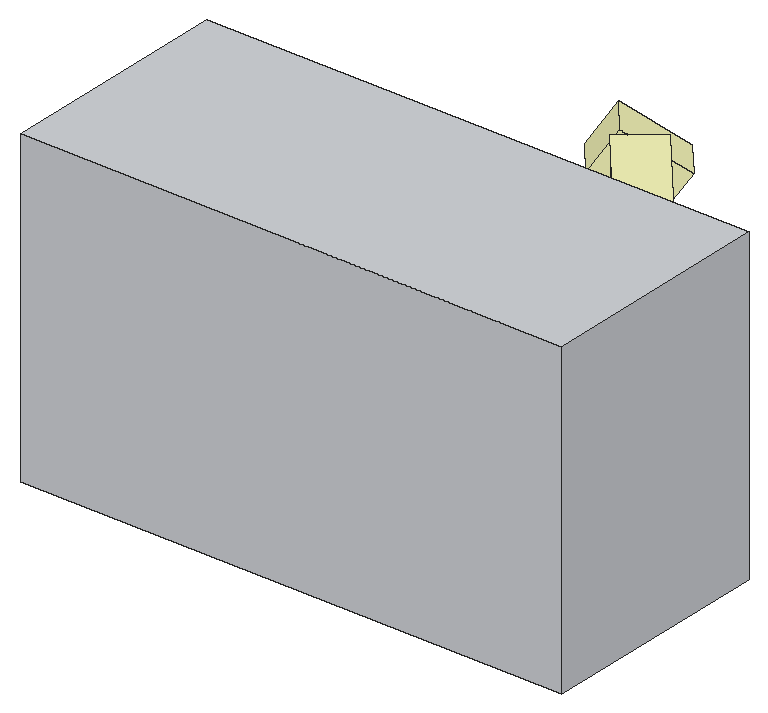
Revit family "Lighting_Fixture-Wall-Astro-Toscaxxx", category Lighting Fixtures, host Face, Revit 2014
Parameters (values of type "0699 Tosca (Matt Nickel)")
  Width = 200.00 mm
  Weight = "1.2kg"
  Wattage Comments = "1w"
  Voltage = 230 V
  URL = "www.astrolighting.co.uk"
  Type Comments = "Includes integral LED driver. Includes integral switch."
  Suitable for bathroom zone = "Zone 3"
  Set Head Rotation [instance] = 55.00°
  Set Arm Angle [instance] = 50.00°
  Head Rotation [instance] = if(Set Head Rotation < 0.00°, 0.00°, if(Set Head Rotation > 180.00°, 180.00°, if(or(or(Set Head Rotation < 180.00°, Set Head Rotation = 180.00°), or(Set Head Rotation > 0.00°, Set Head Rotation = 0.00°)), Set Head Rotation, 0.00°)))  # 55.00°
  Arm Angle [instance] = if(Set Arm Angle < 0.00°, 0.00°, if(Set Arm Angle > 135.00°, 135.00°, if(or(or(Set Arm Angle < 135.00°, Set Arm Angle = 135.00°), or(Set Arm Angle > 0.00°, Set Arm Angle = 0.00°)), Set Arm Angle, 0.00°)))  # 50.00°
  Product Documentation = "http://www.astrolighting.co.uk/products/0699_Tosca"
  Number of Poles = 1
  Mountable on normally flammable surfaces = "Yes"
  Model = "0699 Tosca Matt Nickel"
  Manufacturer = "Astro Lighting Ltd, CM20 2DP"
  Luminaire Lamp Efficiency Rating = "A"
  Lens Material = Astro - Glass - Clear
  Length = 42.75 mm
  Lamp included = "Yes"
  Lamp = "LED"
  IP Rating = "IP20"
  Height = 45.00 mm
  Energy Efficiency Rating = ""
  Dimmable = "No"
  Description = "Wall Light"
  Default Elevation [instance] = 1700.00 mm
  Class = 1
  Casing Material = Astro - Steel - Matt Nickel
  Manufacturer Contact = "01279 427001"
  Assembly Code = "D5020200"
  Arm Length = 159.25 mm
  Apparent Load = 2.23 VA
Types (3, lengths in mm): name | Set Head Rotation | Set Arm Angle | Head Rotation | Arm Angle | Model | Casing Material
  0699 Tosca (Matt Nickel) | 55.00° | 50.00° | 55.00° | 50.00° | "0699 Tosca Matt Nickel" | Astro - Steel - Matt Nickel
  0849 Tosca (Bronze) | 0.00° | 0.00° | 0.00° | 0.00° | "0849 Tosca Bronze" | Astro - Steel - Bronze
  0850 Tosca (Chrome) | 0.00° | 0.00° | 0.00° | 0.00° | "0850 Tosca Chrome" | Astro - Steel - Chrome Finish
Reference planes
  plane 1: y = -75
  plane 2 "Light Source Axis (L/R)": x = 125
  plane 3 "Light Source Axis (F/R)": y = 42.75
  plane 4 "Light Source Elevation": z = 1600
  plane 5: y = -150
  plane 6 "Center (Elevation)": z = 1600
  plane 7: z = 0
  plane 8 "Top": z = 1622.5
  plane 9 "Bottom": z = 1577.5
  plane 10 "Left": x = 225
  plane 11 "Right": x = 25
  plane 12 "Front": y = 42.75
  plane 13: y = 0
  plane 14: x = 215
  plane 15: y = 32.75
  plane 16: x = 209.35
  plane 17: z = 1599.5
  plane 18: y = 12
  plane 19: z = 1621
  plane 20: z = 1600.25
Forms (mm)
  Extrusion 1, solid
    sketch origin (140, -150, 1500) x (0, 0, 1) y (1, 0, 0)
      loop
        line (-0.569, -189.085) -> (200, -189.085) -> (200, 160) -> (-0.569, 160) -> (-0.569, -189.085)
    from 0 to 150
  Extrusion 2, solid, material "Astro - Steel - Matt Nickel" <- "Casing Material"
    sketch origin (919.786, 225, 1622.5) x (1, 0, 0) y (0, 1, 0)
      loop
        line (-894.786, -225) -> (-694.786, -225) -> (-694.786, -199.254)
        arc (-694.786, -199.254) -> (-695.201, -198.553) -> (-696.015, -198.579) r 0.8
        line (-696.015, -198.579) -> (-710.436, -213) -> (-894.786, -213) -> (-894.786, -225)
    from -45 to 0
  Extrusion 3, solid, material "Astro - Steel - Matt Nickel" <- "Casing Material"
    sketch origin (242.867, 225, 1599.5) x (1, 0, 0) y (0, 1, 0)
      loop
        line (-17.867, -213) -> (-17.867, -192.25)
        arc (-17.867, -192.25) -> (-24.04, -183.011) -> (-34.938, -185.179) r 10
        line (-34.938, -185.179) -> (-62.767, -213) -> (-17.867, -213)
    from -22 to 0
  Extrusion 4, solid, material "Astro - Steel - Matt Nickel" <- "Casing Material"
    sketch origin (294.46, 225, 1621) x (1, 0, 0) y (0, 1, 0)
      loop
        circle (-79.46, -192.25) r 9.72
    from 0 to 1.5
  Extrusion 5, solid, material "Astro - Steel - Matt Nickel" <- "Casing Material"
    sketch origin (215, 32.75, 1622.5) x (-0.642788, 0.766044, 0) y (-0.766044, -0.642788, 0)
      loop
        line (0, -10) -> (159.25, -10) -> (159.25, 20) -> (5.961, 20) -> (-7.871, 6.169)
        arc (-7.871, 6.169) -> (-8.991, -4.377) -> (0, -10) r 10
    from -22.25 to -1.5
  Extrusion 6, solid, material "Astro - Steel - Matt Nickel" <- "Casing Material"
    sketch origin (215, 32.75, 1622.5) x (-0.642788, 0.766044, 0) y (-0.766044, -0.642788, 0)
      loop
        line (6.543, -10) -> (159.25, -10) -> (159.25, 20) -> (5.961, 20) -> (-2.331, 11.709)
        arc (-2.331, 11.709) -> (-2.511, 10.86) -> (-1.82, 10.341) r 0.8
        arc (-1.82, 10.341) -> (9.711, 3.994) -> (5.983, -8.629) r 10.5
        arc (5.983, -8.629) -> (5.802, -9.502) -> (6.543, -10) r 0.8
    from -1.5 to 0
  Extrusion 7, solid, material "Astro - Steel - Matt Nickel" <- "Casing Material"
    sketch origin (215, 32.75, 1622.5) x (-0.642788, 0.766044, 0) y (-0.766044, -0.642788, 0)
      loop
        line (35.211, 20) -> (5.211, -10) -> (159.25, -10) -> (159.25, 20) -> (35.211, 20)
    from -45 to -22.25
  Extrusion 8, solid, material "Astro - Steel - Matt Nickel" <- "Casing Material"
    sketch origin (1573.638, 225, 1600) x (1, 0, 0) y (0, 1, 0)
      loop
        circle (-1358.638, -192.25) r 9.72
    from -0.5 to 0.25
  Extrusion 9, solid, not visible
    sketch origin (-969.65, 0, 4000) x (-1, 0, 0) y (0, 0, 1)
      loop
        circle (-1049.65, -2400) r 7.5
    from 0 to 1.5
Cuts and joins
  joined: Extrusion 2, Extrusion 3
  joined: Extrusion 5, Extrusion 6, Extrusion 7
Lines and regions (mm)
  symbolic lines
    curve 1: arc (211.798, 42.75, 1600) -> (207.575, 25.325, 1600) -> (225, 29.548, 1600) r 10.5
    curve 2: circle (215, 32.75, 1600) r 9.72 normal (0, 0, 1)
  reference lines
    curve 3: line (215, 32.75, 1622.5) -> (112.636, 154.743, 1622.5)
    curve 4: line (215, 32.75, 1577.5) -> (112.636, 154.743, 1577.5)
    curve 5: line (108.806, 151.529, 1622.5) -> (108.806, 151.529, 1577.5)
    curve 6: line (120.297, 161.17, 1600) -> (97.315, 141.887, 1600)
Text (mm)
  text "Placement side" at (-84.906, 136.528, 0), in view "Ref. Level"
  text "Placement side" at (0, 124.28, 1661.971), in view "Left"
  text "Placement side" at (0, 628.478, 3011.967), in view "Right"
Dimensions and locks
  equal spacing: plane 9 "Bottom", plane 6 "Center (Elevation)", plane 8 "Top"
  "Height": plane 9 "Bottom" to plane 8 "Top"
  equal spacing: plane 11 "Right", plane 2 "Light Source Axis (L/R)", plane 10 "Left"
  "Width": plane 11 "Right" to plane 10 "Left"
  locked: plane 1 to plane 13 at 75
  "Length": plane 12 "Front" to plane 13
  locked: plane 14 to plane 10 "Left" at 10
  locked: plane 12 "Front" to plane 15 at 10
  locked: plane 11 "Right" to plane 16 at 184.35
  locked: plane 17 to plane 8 "Top" at 23
  locked: plane 18 to plane 13 at 12
  locked: Extrusion 2 sketch curve to plane 10 "Left" at 0.8
  locked: Extrusion 2 sketch curve to plane 13 at 25.746
  locked: plane 19 to plane 8 "Top" at 1.5
  "Arm Length": curve 3 to curve 3
  "Arm Length": curve 4 to curve 4
  "Arm Length": Extrusion 6 sketch curve to Extrusion 6 sketch curve
  "Arm Length": Extrusion 5 sketch curve to Extrusion 5 sketch curve
  locked: plane 20 to plane 8 "Top" at 22.25
  cut or joined group of Extrusion 2, Extrusion 3 to plane 4 "Light Source Elevation" to cut or joined group of Extrusion 5, Extrusion 6, Extrusion 7 = 0.50 mm, 0.25 mm
  locked: plane 11 "Right" to Extrusion 9 sketch curve at 55
  locked: Extrusion 9 to plane 13 at 1.5
  radius of Extrusion 4 sketch curve = 9.72 mm
  locked: Extrusion 2 sketch curve to plane 18 (angle 135.00°)
  locked: Extrusion 3 sketch curve to plane 18 (angle 135.00°)
  "Arm Angle": angle curve 3 to plane 15
  "Arm Angle": angle curve 4 to plane 15
  aligned and locked: Extrusion 2 sketch curve to plane 11 "Right"
  aligned and locked: Extrusion 2 sketch curve to plane 18
  aligned and locked: Extrusion 2 sketch curve to plane 13
  aligned and locked: Extrusion 2 sketch curve to plane 10 "Left"
  aligned and locked: plane 16 to Extrusion 2 sketch curve
  aligned and locked: plane 8 "Top" to Extrusion 2
  aligned and locked: Extrusion 3 sketch curve to plane 10 "Left"
  aligned and locked: plane 14 to Extrusion 3 sketch curve
  aligned and locked: plane 15 to Extrusion 3 sketch curve
  aligned and locked: Extrusion 2 to plane 9 "Bottom"
  aligned and locked: plane 17 to Extrusion 3
  aligned and locked: cut or joined group of Extrusion 2, Extrusion 3 to plane 9 "Bottom"
  aligned and locked: plane 14 to Extrusion 4 sketch curve
  aligned and locked: plane 15 to Extrusion 4 sketch curve
  aligned and locked: Extrusion 4 to plane 19
  aligned and locked: plane 8 "Top" to Extrusion 4
  aligned and locked: plane 14 to curve 3
  aligned and locked: plane 15 to curve 3
  aligned and locked: plane 14 to curve 4
  aligned and locked: plane 15 to curve 4
  aligned and locked: plane 14 to Extrusion 6 sketch curve
  aligned and locked: plane 15 to Extrusion 6 sketch curve
  aligned and locked: plane 14 to Extrusion 5 sketch curve
  aligned and locked: plane 15 to Extrusion 5 sketch curve
  aligned and locked: plane 19 to Extrusion 5
  aligned and locked: Extrusion 6 to plane 19
  aligned and locked: plane 8 "Top" to Extrusion 6
  aligned and locked: Extrusion 5 to plane 20
  aligned and locked: Extrusion 7 sketch curve to cut or joined group of Extrusion 5, Extrusion 6, Extrusion 7
  aligned and locked: plane 20 to Extrusion 7
  aligned and locked: plane 14 to Extrusion 8 sketch curve
  aligned and locked: plane 15 to Extrusion 8 sketch curve
  aligned and locked: Extrusion 8 to plane 17
  aligned and locked: plane 20 to Extrusion 8
  aligned and locked: nested 1 to curve 6
  aligned and locked: plane 4 "Light Source Elevation" to plane 6 "Center (Elevation)"
  aligned and locked: plane 6 "Center (Elevation)" to Extrusion 9 sketch curve
  aligned and locked: Extrusion 9 to plane 13
Automatic sketch dimensions
  Extrusion 1 sketch curve to Extrusion 1 sketch curve = 200.569 mm
  Extrusion 1 sketch curve to Extrusion 1 sketch curve = 349.085 mm
  plane 18 to Extrusion 3 sketch curve = 0.00 mm
  Extrusion 3 sketch curve to Extrusion 3 sketch curve = 0.004 mm  (x2)
  curve 3 to Extrusion 7 sketch curve = 20.00 mm
  curve 3 to Extrusion 7 sketch curve = 5.211 mm
  curve 3 to Extrusion 7 sketch curve = 35.211 mm
  Extrusion 7 sketch curve to curve 3 = 10.00 mm
  curve 6 to curve 5 = 15.00 mm
  curve 5 to curve 6 = 15.00 mm
  curve 5 to curve 6 = 22.50 mm
  curve 6 to curve 5 = 22.50 mm
  curve 1 to curve 2 = 0.00 mm  (x2)
  curve 1 to plane 12 "Front" = 0.00 mm
  curve 2 to plane 14 = 0.00 mm
  curve 1 to plane 10 "Left" = 0.00 mm
  plane 15 to curve 2 = 0.00 mm
  curve 1 to plane 16 = 2.448 mm
  Extrusion 5 sketch curve to curve 3 = 10.00 mm
  curve 3 to Extrusion 5 sketch curve = 20.00 mm
  Extrusion 5 sketch curve to curve 3 = 6.169 mm
  curve 3 to Extrusion 5 sketch curve = 5.961 mm
  Extrusion 6 sketch curve to curve 3 = 10.00 mm
  curve 3 to Extrusion 6 sketch curve = 20.00 mm
  Extrusion 6 sketch curve to curve 3 = 1.761 mm
  curve 3 to Extrusion 6 sketch curve = 5.961 mm
  curve 3 to Extrusion 6 sketch curve = 6.543 mm
  Extrusion 6 sketch curve to Extrusion 6 sketch curve = 0.80 mm
  curve 3 to Extrusion 6 sketch curve = 11.139 mm
  Extrusion 6 sketch curve to Extrusion 6 sketch curve = 0.059 mm
  Extrusion 6 sketch curve to Extrusion 6 sketch curve = 0.566 mm
  Extrusion 6 sketch curve to Extrusion 6 sketch curve = 0.004 mm  (x2)
  Extrusion 6 sketch curve to Extrusion 6 sketch curve = 0.56 mm
  radius of Extrusion 8 sketch curve = 9.72 mm
  radius of curve 2 = 9.72 mm
  radius of Extrusion 9 sketch curve = 7.50 mm
Nested families
  nested 1: "0699_Tosca_Rotating_Head" at (108.806, 151.529, 1600) x (-0.766, -0.6428, 0) z (-0.6428, 0.766, 0), Head Rotation <- "Head Rotation", Lens Material <- "Lens Material", type "0699_Tosca_Rotating_Head"
    with Lens Material Astro - Glass - Clear, Head Rotation 55.00°
  nested 2: "Astro-0699_Tosca-ies" at (113.283, 174.866, 1587.095) x (0.4394, 0.3687, 0.8192) z (0.6275, 0.5265, -0.5736), type "Astro-0699_Tosca-ies"
Connectors
  electrical at (80, 0, 1600), driven by "Number of Poles", driven by "Voltage", driven by "Apparent Load"
    settings: on Extrusion 9, index 1, voltage 230 V, apparent load 0 VA, apparent load phase1 2.23 VA, apparent load phase2 0 VA, apparent load phase3 0 VA, power factor 1, load classification "Other", number of poles 1, system type 31, power factor state 1, is connector primary yes, connector utility no, sub classification motor no, connector description ""
Definition of nested family "0699_Tosca_Rotating_Head"
  Parameters (values of type "0699_Tosca_Rotating_Head")
    Lens Material [instance] = none
    Head Rotation [instance] = 0.00°
    Default Elevation = 1219.20 mm
    Casing Material = none
  Reference planes
    plane 1 "Center (Front/Back)": y = 0
    plane 2: z = 0
    plane 3 "Center (Left/Right)": x = 0
    plane 4: z = 30
  Forms (mm)
    Extrusion 1, solid
      sketch origin (0, 0, 0) x (1, 0, 0) y (0, 1, 0)
        loop
          line (-1219.2, 1219.2) -> (-1219.2, -1219.2) -> (1219.2, -1219.2) -> (1219.2, 1219.2) -> (-1219.2, 1219.2)
      from 0 to -304.8
    Extrusion 2, solid, material <- "Casing Material"
      sketch origin (0, -22.5, 0) x (0, 0, 1) y (-1, 0, 0)
        loop
          line (0.75, 15) -> (0.75, -15) -> (30, -15) -> (30, 15) -> (0.75, 15)
      from 0 to -45
    Extrusion 3, void
      sketch origin (0, -22.5, 0) x (0, 0, 1) y (-1, 0, 0)
        loop
          circle (15, 0) r 12.001
      from -35 to 0
    Extrusion 4, void
      sketch origin (0, -22.5, 0) x (0, 0, 1) y (-1, 0, 0)
        loop
          circle (15, 0) r 14
      from 0 to -2.5
    Extrusion 5, solid, material <- "Casing Material"
      sketch origin (0, -22.5, 0) x (0, 0, 1) y (-1, 0, 0)
        loop
          circle (15, 0) r 14
        loop
          circle (15, 0) r 10
      from -2.5 to 0
    Extrusion 6, solid, material <- "Lens Material"
      sketch origin (0, -22.5, 0) x (0, 0, 1) y (-1, 0, 0)
        loop
          circle (15, 0) r 10
      from 0 to -2.5
    Extrusion 7, void
      sketch origin (0, -22.5, 0) x (0, 0, 1) y (-1, 0, 0)
        loop
          circle (27.001, 0) r 1
        loop
          circle (9, 10.393) r 1
        loop
          circle (9, -10.393) r 1
      from 0 to -0.8
    Extrusion 8, solid, material <- "Casing Material"
      sketch origin (0, 0, 0) x (0, -1, 0) y (1, 0, 0)
        loop
          circle (0, 0) r 10
      from 0 to 0.75
  Cuts and joins
    Extrusion 3, Extrusion 4 cuts Extrusion 2
    Extrusion 7 cuts Extrusion 5
  Lines and regions (mm)
    reference lines
      curve 1: line (0, 0, 0) -> (0, -22.5, 0)
  Dimensions and locks
    locked: plane 4 to plane 2 at 30
    locked: curve 1 to curve 1 at 22.5
    Extrusion 2 sketch curve to Extrusion 2 sketch curve = 30.00 mm
    locked: Extrusion 2 sketch curve to Extrusion 2 sketch curve at 30
    locked: plane 4 to Extrusion 3 sketch curve at 15
    locked: Extrusion 3 to Extrusion 2 at 35
    locked: plane 4 to Extrusion 4 sketch curve at 15
    locked: cut or joined group of Extrusion 2, Extrusion 3, Extrusion 4 to cut or joined group of Extrusion 2, Extrusion 3, Extrusion 4 at 2.5
    locked: plane 4 to Extrusion 5 sketch curve at 15
    plane 4 to Extrusion 5 sketch curve = 15.00 mm
    locked: cut or joined group of Extrusion 2, Extrusion 3, Extrusion 4 to Extrusion 5 at 2.5
    locked: plane 4 to Extrusion 6 sketch curve at 15
    locked: Extrusion 6 to cut or joined group of Extrusion 2, Extrusion 3, Extrusion 4 at 2.5
    locked: cut or joined group of Extrusion 2, Extrusion 3, Extrusion 4 to Extrusion 7 at 0.8
    locked: Extrusion 2 sketch curve to plane 2 at 0.75
    "Head Rotation": angle curve 1 to plane 3 "Center (Left/Right)"
    aligned and locked: plane 2 to Extrusion 1
    aligned and locked: level to Extrusion 1
    aligned and locked: plane 3 "Center (Left/Right)" to curve 1
    aligned and locked: plane 1 "Center (Front/Back)" to curve 1
    aligned and locked: Extrusion 2 sketch curve to plane 4
    aligned and locked: Extrusion 8 to plane 2
    aligned and locked: Extrusion 8 to cut or joined group of Extrusion 2, Extrusion 3, Extrusion 4
  Automatic sketch dimensions
    Extrusion 1 sketch curve to Extrusion 1 sketch curve = 2438.40 mm  (x2)
    Extrusion 5 sketch curve to Extrusion 5 sketch curve = 0.00 mm  (x3)
    level to Extrusion 7 sketch curve = 9.00 mm  (x2)
    Extrusion 7 sketch curve to plane 4 = 2.999 mm
    Extrusion 7 sketch curve to Extrusion 7 sketch curve = 10.393 mm  (x2)
    Extrusion 8 sketch curve to curve 1 = 0.00 mm  (x2)
    radius of Extrusion 3 sketch curve = 12.001 mm
    radius of Extrusion 4 sketch curve = 14.00 mm
    radius of Extrusion 5 sketch curve = 14.00 mm
    radius of Extrusion 5 sketch curve = 10.00 mm
    radius of Extrusion 6 sketch curve = 10.00 mm
    radius of Extrusion 7 sketch curve = 1.00 mm  (x3)
    radius of Extrusion 8 sketch curve = 10.00 mm
Definition of nested family "Astro-0699_Tosca-ies"
  Parameters (values of type "Astro-0699_Tosca-ies")
    Wattage = 9.2903 W
    built-in parameter 1150110 = 1 (stored number, unit not read)
    built-in parameter 1114217 = 1 (stored number, unit not read)
    Tilt Angle = 90.00°
    built-in parameter 1150109 = 1 (stored number, unit not read)
    built-in parameter 1150134 = 3
    built-in parameter 1150113 = 1 (stored number, unit not read)
    Photometric Web File = "0699 TOSCA MATT NICKEL.ies"
    built-in parameter 1150105 = 109.82 (stored number, unit not read)
    Lumens = 1380 lm
    built-in parameter 1150115 = 1 (stored number, unit not read)
    built-in parameter 1150137 = (empty or 0)
    built-in parameter 1150139 = (empty or 0)
    built-in parameter 1150112 = 1 (stored number, unit not read)
    built-in parameter 1150114 = 1 (stored number, unit not read)
    built-in parameter 1150132 = (empty or 0)
    built-in parameter 1150102 = (empty or 0)
    built-in parameter 1150107 = 3200 (stored number, unit not read)
    built-in parameter 1150138 = (empty or 0)
    built-in parameter 1150106 = 1.0982 (stored number, unit not read)
    built-in parameter 1150104 = 13.8 (stored number, unit not read)
    Dimming Lamp Color Temperature Shift = (empty or 0)
    Default Elevation = 1219.20 mm
    Color Filter = 16777215
    built-in parameter 1114218 = 1 (stored number, unit not read)
    built-in parameter 1150133 = 10 (stored number, unit not read)
  Reference planes
    plane 1 "Center (Front/Back)": y = 0
    plane 2: z = 0
    plane 3 "Center (Left/Right)": x = 0
  Forms (mm)
    Extrusion 1, solid
      sketch origin (0, 0, 0) x (1, 0, 0) y (0, 1, 0)
        loop
          line (-1219.2, 1219.2) -> (-1219.2, -1219.2) -> (1219.2, -1219.2) -> (1219.2, 1219.2) -> (-1219.2, 1219.2)
      from 0 to -304.8
  Dimensions and locks
    aligned and locked: plane 2 to Extrusion 1
    aligned and locked: level to Extrusion 1
    aligned and locked: imposter light to plane 2
    aligned and locked: imposter light to plane 3 "Center (Left/Right)"
